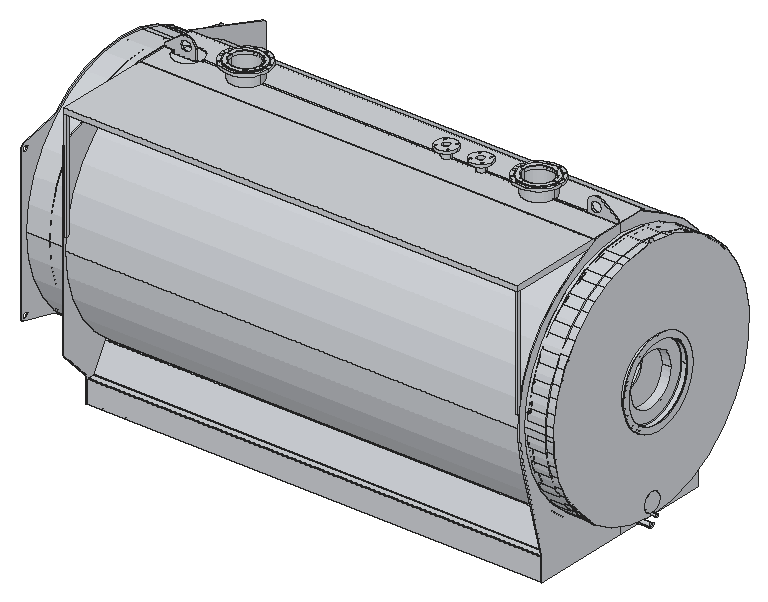
Revit family "BIMON_Котел_Водогрейный_TEMRON_WL5000", category Оборудование, Revit 2019
Family settings
  Размер круглого соединителя = Использовать диаметр
  Классификация = Нет
  Тип детали = Нормальный
  На основе рабочей плоскости = Нет
  Всегда вертикально = Да
  При загрузке вырезать с полостями = Нет
  Общий = Нет
  Точка расчета площади = Нет
Parameters
  УГО_Резмер [instance] = 0 mm
  УГО [instance] = yes
  Разработчик_Сайт = "https://www.bimon.ru/"
  Разработчик = "BIMON"  # constant formula
  Изготовитель = "Temron"  # constant formula
  URL = "https://temron.ru/catalog/temron-wl/main-wl/"
  TERMON_Расход уходящих газов = "8280 кг/ч"
  TEMRON_Теплопроизводительность = "5 МВт/4.299 (Гкал/ч)"
  TEMRON_Температура уходящих газов = "180-185 /185-190 °С"
  TEMRON_Температура на выходе из котла = "110 °С"
  TEMRON_Температура на входе в котёл = "60 °С"
  TEMRON_Сопротивление газового тракта = "10 мбар"
  TEMRON_Расход топлива для природного газа = "541 м³/ч"
  TEMRON_Расход воды через котел = "171.8 м³/ч"
  TEMRON_Номинальная производительность = "5 МВт"
  TEMRON_Максимальное рабочее давление = "0.6 МПа"
  TEMRON_Максимальная температура пара = 110 mm
  TEMRON_КПД = "92.5 %"
  TEMRON_Водяной объём котла = "6.3 м³"
  D5_Уходящие газы = 720 mm  # constant formula
  D4_Дренажный патрубок газового котла = 15 mm  # constant formula
  D3_Дренажный патрубок = 32 mm  # constant formula
  D2_Аварийная линия = 65 mm  # constant formula
  D1_Выход теплоносителя = 250 mm  # constant formula
  D1_Вход теплоносителя = 250 mm  # constant formula
  ADSK_Этаж [instance] = ""
  ADSK_Расход жидкости [instance] = 0.0 L/s
  ADSK_Расход воздуха [instance] = 0.0 L/s
  ADSK_Примечание [instance] = ""
  ADSK_Позиция [instance] = ""
  ADSK_Обозначение = ADSK_Марка  # "WL 5000"
  ADSK_Наименование краткое [instance] = "Котел низкого давления"
  ADSK_Наименование = "Водогрейный котел низкого давления"
  ADSK_Материал = none
  ADSK_Масса_Текст = "7642"
  ADSK_Масса = 7642  # constant formula
  ADSK_Марка = "WL 5000"  # constant formula
  ADSK_Количество = 1  # constant formula
  ADSK_Код изделия = ""
  ADSK_Завод-изготовитель = "Temron"  # constant formula
  ADSK_Единица измерения = "шт"  # constant formula
  ADSK_URL страницы изделия = "https://temron.ru/catalog/temron-wl/vodogreynye-kotly-nizkogo-davleniya-temron-wl-5000/"
Reference planes
  plane 1 "По центру (Вперед/Назад)": y = 0
  plane 2: z = 0
  plane 3 "По центру (Влево/Вправо)": x = 0
  plane 4: y = 819.5
  plane 5: y = -819.5
  plane 6: z = 1860
  plane 7: y = 250
  plane 8: z = 2590
  plane 9: z = 2024.296
  plane 10: x = 1528
  plane 11: x = 2720
  plane 12: x = 3120
  plane 13: z = 1305
  plane 14: z = 2590
  plane 15: x = 725
Forms (mm)
  Extrusion 1, solid, detail levels fine
    sketch origin (0, 0, 0) x (0, 1, 0) y (0, 0, 1)
      loop
        circle (0.012, 1305.004) r 1085
      loop
        circle (0.012, 1305.004) r 1090
    from -1250 to 2700
  Extrusion 2, solid, detail levels fine
    sketch origin (-1260, 1234.069, 1200) x (0, 1, 0) y (0, 0, 1)
      loop
        circle (-1234.069, 105) r 1035
      loop
        circle (-1234.069, 105) r 1025
    from 0 to -10
  Extrusion 3, solid, detail levels fine
    sketch origin (-1260, 1234.069, 1200) x (0, 1, 0) y (0, 0, 1)
      loop
        circle (-1234.069, 105) r 1025
      loop
        circle (-1234.069, 105) r 225
    from 0 to -1
  Extrusion 4, solid, detail levels fine
    sketch origin (2710, 1168.888, 1200) x (0, 1, 0) y (0, 0, 1)
      loop
        line (-317.253, -987.363) -> (-104.568, -172.936)
        arc (-104.568, -172.936) -> (-162.004, 547.961) -> (-654.634, 1077.401) r 1100
        line (-654.634, 1077.401) -> (-917.092, 1216.199)
        arc (-917.092, 1216.199) -> (-928.424, 1220.527) -> (-940.466, 1221.999) r 50
        line (-940.466, 1221.999) -> (-1168.875, 1221.999) -> (-1168.875, 1130.004)
        arc (-1168.875, 1130.004) -> (-143.875, 105.004) -> (-1168.875, -919.996) r 1025
        line (-1168.875, -919.996) -> (-1168.875, -999.996)
        arc (-1168.875, -999.996) -> (-1138.875, -1029.996) -> (-1168.875, -1059.996) r 30
        line (-1168.875, -1059.996) -> (-1168.875, -1199.996) -> (-318.875, -1199.996) -> (-318.875, -999.996)
        arc (-318.875, -999.996) -> (-318.468, -993.627) -> (-317.253, -987.363) r 50
    from 0 to -10
  Extrusion 5, solid, detail levels fine
    sketch origin (-1260, 1464.581, 1265.004) x (0, 1, 0) y (0, 0, 1)
      loop
        line (-685.069, -1074) -> (-629.269, -1074)
        arc (-629.269, -1074) -> (-622.551, -1076.782) -> (-619.769, -1083.5) r 9.5
        line (-619.769, -1083.5) -> (-619.769, -1246.5)
        arc (-619.769, -1246.5) -> (-622.551, -1253.218) -> (-629.269, -1256) r 9.5
        line (-629.269, -1256) -> (-685.069, -1256)
        arc (-685.069, -1256) -> (-688.958, -1257.611) -> (-690.569, -1261.5) r 5.5
        line (-690.569, -1261.5) -> (-690.569, -1265) -> (-614.569, -1265) -> (-614.569, -1065) -> (-690.569, -1065) -> (-690.569, -1068.5)
        arc (-690.569, -1068.5) -> (-688.958, -1072.389) -> (-685.069, -1074) r 5.5
      loop
        arc (-2244.094, -1074) -> (-2240.205, -1072.389) -> (-2238.594, -1068.5) r 5.5
        line (-2238.594, -1068.5) -> (-2238.594, -1065) -> (-2314.594, -1065) -> (-2314.594, -1265) -> (-2238.594, -1265) -> (-2238.594, -1261.5)
        arc (-2238.594, -1261.5) -> (-2240.205, -1257.611) -> (-2244.094, -1256) r 5.5
        line (-2244.094, -1256) -> (-2299.894, -1256)
        arc (-2299.894, -1256) -> (-2306.611, -1253.218) -> (-2309.394, -1246.5) r 9.5
        line (-2309.394, -1246.5) -> (-2309.394, -1083.5)
        arc (-2309.394, -1083.5) -> (-2306.611, -1076.782) -> (-2299.894, -1074) r 9.5
        line (-2299.894, -1074) -> (-2244.094, -1074)
    from 10 to 3960
  Sweep 6, solid, detail levels fine
    path origin (1450, 0, -40) x (1, 0, 0) y (0, 0, 1)
      loop
        line (1110, 335) -> (1110, 285)
        arc (1110, 285) -> (1131.967, 231.967) -> (1185, 210) r 75
        line (1185, 210) -> (1535, 210)
    profile origin (2560, 0, 270) x (0, -1, 0) y (1, 0, 0)
      loop
        circle (0, 0) r 21
      loop
        circle (0, 0) r 18
  Extrusion 7, solid, detail levels fine
    sketch origin (-1260, 1234.069, 1200) x (0, 1, 0) y (0, 0, 1)
      loop
        circle (-1236.366, 105.004) r 860
      loop
        circle (-1236.366, 105.004) r 1025
    from 0 to 3960
  Extrusion 8, solid, detail levels fine
    sketch origin (-1260, 1234.069, 1653.999) x (0, 1, 0) y (0, 0, 1)
      loop
        line (-957.069, 665) -> (-957.069, 760)
        arc (-957.069, 760) -> (-959.404, 765.657) -> (-965.061, 768) r 8
        line (-965.061, 768) -> (-1225.079, 768)
        arc (-1225.079, 768) -> (-1230.729, 765.653) -> (-1233.069, 760) r 8
        line (-1233.069, 760) -> (-1233.069, 730) -> (-1230.069, 730) -> (-1230.069, 760)
        arc (-1230.069, 760) -> (-1228.604, 763.536) -> (-1225.069, 765) r 5
        line (-1225.069, 765) -> (-965.069, 765)
        arc (-965.069, 765) -> (-961.537, 763.539) -> (-960.069, 760.01) r 5
        line (-960.069, 760.01) -> (-960.069, 665) -> (-957.069, 665)
      loop
        line (-1238.069, 730) -> (-1235.065, 730) -> (-1235.065, 760.001)
        arc (-1235.065, 760.001) -> (-1237.407, 765.656) -> (-1243.063, 767.998) r 7.998
        line (-1243.063, 767.998) -> (-1502.91, 767.998)
        arc (-1502.91, 767.998) -> (-1508.669, 765.713) -> (-1511.069, 760) r 8
        line (-1511.069, 760) -> (-1511.069, 665) -> (-1508.069, 665) -> (-1508.069, 759.995)
        arc (-1508.069, 759.995) -> (-1506.604, 763.53) -> (-1503.069, 764.995) r 5
        line (-1503.069, 764.995) -> (-1243.069, 765)
        arc (-1243.069, 765) -> (-1239.533, 763.536) -> (-1238.069, 760) r 5
        line (-1238.069, 760) -> (-1238.069, 730)
    from 3960 to 0
  Extrusion 9, solid, detail levels fine
    sketch origin (-1260, -1234.069, 1200) x (0, -1, 0) y (0, 0, -1)
      loop
        line (-2097.682, 965.716) -> (-2320.481, 729.143)
        arc (-2320.481, 729.143) -> (-2330.557, 713.303) -> (-2334.081, 694.863) r 50
        line (-2334.081, 694.863) -> (-2334.081, -904.871)
        arc (-2334.081, -904.871) -> (-2324.261, -934.63) -> (-2298.658, -952.699) r 50
        line (-2298.658, -952.699) -> (-1519.047, -1219.699)
        arc (-1519.047, -1219.699) -> (-1511.639, -1221.42) -> (-1504.056, -1221.999) r 50
        line (-1504.056, -1221.999) -> (-1234.081, -1221.999) -> (-1234.081, -1130.004)
        arc (-1234.081, -1130.004) -> (-2259.081, -105.004) -> (-1234.081, 919.996) r 1025
        line (-1234.081, 919.996) -> (-1234.081, 1199.996) -> (-2084.081, 1199.996) -> (-2084.081, 999.996)
        arc (-2084.081, 999.996) -> (-2087.606, 981.557) -> (-2097.682, 965.716) r 50
      loop
        circle (-2314.081, -900.004) r 9
      loop
        circle (-2314.081, -925.004) r 9
    from 0 to 10
  Extrusion 10, solid, detail levels fine
    sketch origin (-1260, 1464.581, 1265.004) x (0, 1, 0) y (0, 0, 1)
      loop
        line (-625.56, -1062) -> (-680.56, -1062)
        arc (-680.56, -1062) -> (-683.06, -1061.33) -> (-684.89, -1059.5) r 5
        line (-684.89, -1059.5) -> (-809.043, -844.461)
        arc (-809.043, -844.461) -> (-813.911, -840.719) -> (-819.998, -841.53) r 8
        line (-819.998, -841.53) -> (-854.62, -861.519) -> (-853.12, -864.117) -> (-818.479, -844.117)
        arc (-818.479, -844.117) -> (-814.685, -843.617) -> (-811.649, -845.947) r 5
        line (-811.649, -845.947) -> (-687.48, -1061)
        arc (-687.48, -1061) -> (-684.551, -1063.928) -> (-680.551, -1065) r 8
        line (-680.551, -1065) -> (-625.56, -1065) -> (-625.56, -1062)
      loop
        line (-2303.603, -1062) -> (-2303.603, -1065) -> (-2248.611, -1065)
        arc (-2248.611, -1065) -> (-2244.611, -1063.928) -> (-2241.683, -1061) r 8
        line (-2241.683, -1061) -> (-2117.514, -845.947)
        arc (-2117.514, -845.947) -> (-2114.478, -843.617) -> (-2110.684, -844.117) r 5
        line (-2110.684, -844.117) -> (-2076.043, -864.117) -> (-2074.543, -861.519) -> (-2109.164, -841.53)
        arc (-2109.164, -841.53) -> (-2115.251, -840.719) -> (-2120.12, -844.461) r 8
        line (-2120.12, -844.461) -> (-2244.273, -1059.5)
        arc (-2244.273, -1059.5) -> (-2246.103, -1061.33) -> (-2248.603, -1062) r 5
        line (-2248.603, -1062) -> (-2303.603, -1062)
    from 10 to 3960
  Revolve 11, solid, detail levels fine
    sketch origin (0, 0, 0) x (1, 0, 0) y (0, 0, 1)
      loop
        line (-1263, 591) -> (2208.986, 591) -> (2248.986, 591)
        spline (2248.986, 591) -> (2298.235, 597.45) -> (2346.185, 616.512) -> (2391.847, 647.502) -> (2434.569, 689.617) -> (2473.785, 742.016) -> (2508.995, 803.764) -> (2539.727, 873.857) -> (2565.545, 951.117) -> (2586.049, 1034.286) -> (2600.936, 1121.968) -> (2609.957, 1212.712) -> (2612.986, 1305)
        line (2612.986, 1305) -> (2598.986, 1305)
        spline (2598.986, 1305) -> (2595.992, 1213.632) -> (2587.06, 1123.827) -> (2572.344, 1037.122) -> (2552.095, 955) -> (2526.659, 878.867) -> (2496.473, 810.025) -> (2462.052, 749.653) -> (2423.986, 698.782) -> (2382.925, 658.284) -> (2339.572, 628.852) -> (2294.67, 610.989) -> (2248.986, 605)
        line (2248.986, 605) -> (2208.986, 605) -> (-1263, 605) -> (-1263, 591)
      axis (-1263, 1305) -> (2612.986, 1305)
    angle from 0 to 360
  Revolve 12, solid, detail levels fine
    sketch origin (-498, 0, 0) x (1, 0, 0) y (0, 0, 1)
      loop
        line (3225, 1845.993) -> (2965, 1845.993) -> (2976.277, 1813.733) -> (3225, 1813.733) -> (3225, 1832.435) -> (3225, 1845.993)
      axis (2965, 1305) -> (3225, 1305)
    angle from 0 to 360
  Revolve 13, solid, detail levels fine
    sketch origin (-498, 0, 0) x (1, 0, 0) y (0, 0, 1)
      loop
        line (3249.417, 1493.513) -> (3091.417, 1493.513) -> (3091.417, 1305.013) -> (3099.417, 1305.013) -> (3099.417, 1484.513) -> (3249.417, 1484.513) -> (3249.417, 1493.513)
      axis (3249.417, 1305) -> (3091.417, 1305)
    angle from 0 to 360
  Extrusion 14, solid, detail levels fine
    sketch origin (2620, 0, 2310) x (-1, 0, 0) y (0, 0, 1)
      loop
        line (62.661, 242.495) -> (-80, 138.004) -> (-80, 28.004) -> (190, 28.004) -> (190, 178.004)
        arc (190, 178.004) -> (146.145, 249.373) -> (62.661, 242.495) r 80
      loop
        circle (110, 178.004) r 45
    from -5 to 5
  Extrusion 15, solid, detail levels fine
    sketch origin (-1570, 0, 1050) x (0, 1, 0) y (0, 0, 1)
      loop
        circle (-0.012, 255.004) r 1045
      loop
        circle (-0.012, 255.004) r 1053
    from -50 to 300
  Revolve 16, solid, detail levels fine
    sketch origin (-1570, 0, 1050) x (1, 0, 0) y (0, 0, 1)
      loop
        line (300, -798) -> (300, -789.999) -> (239.893, -789.999) -> (-50, -789.999) -> (-50, -798) -> (300, -798)
      axis (-50, 255) -> (300, 255)
    angle from 0 to 360
  Extrusion 17, solid, detail levels fine
    sketch origin (-1624, 0, 1049.996) x (0, 1, 0) y (0, 0, 1)
      loop
        circle (0.012, 255.004) r 225
      loop
        arc (740.435, 1022.761) -> (728.567, 1027.264) -> (718.215, 1034.61) r 50
        arc (718.215, 1034.61) -> (0.012, 1315.004) -> (-718.19, 1034.61) r 1060
        arc (-718.19, 1034.61) -> (-728.542, 1027.264) -> (-740.41, 1022.761) r 50
        line (-740.41, 1022.761) -> (-1069.314, 943.901)
        arc (-1069.314, 943.901) -> (-1091.397, 929.772) -> (-1099.988, 905.004) r 40
        line (-1099.988, 905.004) -> (-1099.988, -394.996)
        arc (-1099.988, -394.996) -> (-1091.397, -419.765) -> (-1069.314, -433.894) r 40
        line (-1069.314, -433.894) -> (-740.41, -512.754)
        arc (-740.41, -512.754) -> (-728.542, -517.256) -> (-718.19, -524.602) r 50
        arc (-718.19, -524.602) -> (0.012, -804.996) -> (718.215, -524.602) r 1060
        arc (718.215, -524.602) -> (728.567, -517.256) -> (740.435, -512.754) r 50
        line (740.435, -512.754) -> (1069.339, -433.894)
        arc (1069.339, -433.894) -> (1091.421, -419.765) -> (1100.012, -394.996) r 40
        line (1100.012, -394.996) -> (1100.012, 905.004)
        arc (1100.012, 905.004) -> (1091.421, 929.772) -> (1069.339, 943.901) r 40
        line (1069.339, 943.901) -> (740.435, 1022.761)
      loop
        circle (1060.012, -394.996) r 27
      loop
        circle (1060.012, 905.004) r 27
      loop
        circle (-1059.988, 905.004) r 27
      loop
        circle (-1059.988, -394.996) r 27
    from 4 to -6
  Extrusion 18, solid, detail levels fine
    sketch origin (-1570, 10, 1305.219) x (1, 0, 0) y (0, 0, 1)
      loop
        line (154, -1025.215) -> (154, 1004.661) -> (-50, 1004.661) -> (-50, -1025.215) -> (154, -1025.215)
    from 250 to 258
  Extrusion 19, solid, detail levels fine
    sketch origin (-1570, 498, 1305.219) x (1, 0, 0) y (0, 0, 1)
      loop
        line (154.32, -1025.215) -> (154.32, 1004.661) -> (-50, 1004.661) -> (-50, -1025.215) -> (154.32, -1025.215)
    from 250 to 258
  Extrusion 20, solid, detail levels fine
    sketch origin (-1570, 0, 1318.297) x (1, 0, 0) y (0, 1, 0)
      loop
        line (154, -992) -> (154, 1003.062) -> (-50, 1003.062) -> (-50, -992) -> (154, -992)
    from 258.282 to 266.3
  Extrusion 21, solid, detail levels fine
    sketch origin (-1570, 0, 760.279) x (1, 0, 0) y (0, 1, 0)
      loop
        line (154, -992) -> (154, 1003.062) -> (-50, 1003.062) -> (-50, -992) -> (154, -992)
    from 258.282 to 266.3
  Extrusion 22, solid, detail levels fine
    sketch origin (-1340.3, -1524, 2082.999) x (0, 0, 1) y (0, -1, 0)
      loop
        arc (-507.999, -1849.012) -> (-469.108, -1832.903) -> (-452.999, -1794.012) r 55
        line (-452.999, -1794.012) -> (-452.999, -1254.012)
        arc (-452.999, -1254.012) -> (-469.108, -1215.122) -> (-507.999, -1199.012) r 55
        line (-507.999, -1199.012) -> (-1047.999, -1199.012)
        arc (-1047.999, -1199.012) -> (-1086.89, -1215.122) -> (-1102.999, -1254.012) r 55
        line (-1102.999, -1254.012) -> (-1102.999, -1794.012)
        arc (-1102.999, -1794.012) -> (-1086.89, -1832.903) -> (-1047.999, -1849.012) r 55
        line (-1047.999, -1849.012) -> (-507.999, -1849.012)
      loop
        circle (-777.999, -1524.012) r 275
    from -299.7 to -289.7
  Extrusion 23, solid, detail levels fine
    sketch origin (-1358.264, -1524, 2082.999) x (0, 0, 1) y (0, -1, 0)
      loop
        arc (-1102.999, -1794.012) -> (-1086.89, -1832.903) -> (-1047.999, -1849.012) r 55
        line (-1047.999, -1849.012) -> (-507.999, -1849.012)
        arc (-507.999, -1849.012) -> (-469.108, -1832.903) -> (-452.999, -1794.012) r 55
        line (-452.999, -1794.012) -> (-452.999, -1254.012)
        arc (-452.999, -1254.012) -> (-469.108, -1215.122) -> (-507.999, -1199.012) r 55
        line (-507.999, -1199.012) -> (-1047.999, -1199.012)
        arc (-1047.999, -1199.012) -> (-1086.89, -1215.122) -> (-1102.999, -1254.012) r 55
        line (-1102.999, -1254.012) -> (-1102.999, -1794.012)
    from -297.736 to -281.736
  Revolve 24, solid, detail levels fine
    sketch origin (-1570, 0, 1050) x (1, 0, 0) y (0, 0, 1)
      loop
        line (-50, 480) -> (154.32, 480) -> (154.32, 1299.999) -> (-50, 1299.999) -> (-50, 480)
      axis (154.32, 255) -> (-50, 255)
    angle from 0 to 360
  Revolve 25, solid, detail levels fine
    sketch origin (-1570, 0, 1050) x (1, 0, 0) y (0, 0, 1)
      loop
        line (289, 480) -> (289, 615) -> (200, 666.384) -> (200, 1201.502) -> (289, 1252.886) -> (289, 1299.999) -> (154, 1299.999) -> (154, 480) -> (289, 480)
      axis (289, 255) -> (154, 255)
    angle from 0 to 360
  Extrusion 26, solid, detail levels fine
    sketch origin (2712, 1168.888, 1200) x (0, 1, 0) y (0, 0, 1)
      loop
        circle (-1168.888, 105) r 1035
      loop
        circle (-1168.888, 105) r 1025
    from 0 to 10
  Extrusion 27, solid, detail levels fine
    sketch origin (2712, 1168.888, 1200) x (0, 1, 0) y (0, 0, 1)
      loop
        circle (-1168.888, 105) r 1025
      loop
        circle (-1168.888, 105) r 188.513
    from 0 to 1
  Extrusion 28, solid, detail levels fine
    sketch origin (2977, 0, 1050) x (0, -1, 0) y (0, 0, 1)
      loop
        circle (0, 255) r 1046
      loop
        circle (0, 255) r 1051
    from 0 to 252
  Revolve 29, solid, detail levels fine
    sketch origin (2977, 0, 1050) x (-1, 0, 0) y (0, 0, 1)
      loop
        line (231, -789.999) -> (231, -765.999)
        arc (231, -765.999) -> (231.293, -765.292) -> (232, -764.999) r 1
        line (232, -764.999) -> (252, -764.999) -> (252, -762.999) -> (232, -762.999)
        arc (232, -762.999) -> (229.879, -763.878) -> (229, -765.999) r 3
        line (229, -765.999) -> (229, -789.999) -> (231, -789.999)
      axis (229, 255) -> (252, 255)
    angle from 0 to 360
  Extrusion 30, solid, detail levels fine
    sketch origin (2979, 0, 1049.996) x (0, -1, 0) y (0, 0, 1)
      loop
        circle (-0.012, -695.997) r 65
      loop
        circle (-0.012, -623.497) r 2.387
      loop
        circle (62.774, -732.247) r 2.387
      loop
        circle (-62.799, -732.247) r 2.387
      loop
        circle (-0.012, 255.004) r 325
      loop
        arc (-24.68, 1328.398) -> (-33.203, 1318.344) -> (-45.654, 1314.021) r 25
        arc (-45.654, 1314.021) -> (-0.012, -804.996) -> (45.629, 1314.021) r 1060
        arc (45.629, 1314.021) -> (33.178, 1318.344) -> (24.656, 1328.398) r 25
        line (24.656, 1328.398) -> (20.38, 1337.569)
        arc (20.38, 1337.569) -> (-0.012, 1350.56) -> (-20.404, 1337.569) r 22.5
        line (-20.404, 1337.569) -> (-24.68, 1328.398)
      loop
        circle (-0.012, 1328.06) r 12.5
    from 0 to -3
  Extrusion 31, solid, detail levels fine
    sketch origin (2977, 0, 1050.496) x (0, -1, 0) y (0, 0, 1)
      loop
        circle (-0.012, 254.508) r 328
      loop
        circle (-0.012, 254.508) r 331
    from -5 to -55
  Extrusion 32, solid, detail levels fine
    sketch origin (2979, 0, 1050) x (0, -1, 0) y (0, 0, 1)
      loop
        circle (0, 255) r 325
      loop
        circle (0, 255) r 355
    from -59 to -53
  Extrusion 33, solid, detail levels fine
    sketch origin (2977, 0, 1050) x (0, -1, 0) y (0, 0, 1)
      loop
        line (-75.829, -793.261) -> (-78.194, -679.363)
        arc (-78.194, -679.363) -> (0, -619.5) -> (78.194, -679.363) r 81
        line (78.194, -679.363) -> (75.829, -793.261)
        arc (75.829, -793.261) -> (0, 1306) -> (-75.829, -793.261) r 1051
      loop
        circle (0, 255.004) r 225
    from -2 to 75
  Revolve 34, solid, detail levels fine
    sketch origin (2977, 0, 1050) x (-1, 0, 0) y (0, 0, 1)
      loop
        line (75, -795.999) -> (229, -795.999) -> (229, -789.999) -> (75, -789.999) -> (75, -795.999)
      axis (229, 255) -> (75, 255)
    angle from 0 to 360
  Revolve 35, solid, detail levels fine
    sketch origin (2977, 0, 1050) x (-1, 0, 0) y (0, 0, 1)
      loop
        line (233, -759.999) -> (233, -789.999) -> (253, -789.999) -> (253, -759.999) -> (233, -759.999)
      axis (233, 255) -> (253, 255)
    angle from 0 to 360
  Extrusion 36, solid, detail levels fine
    sketch origin (2977, 0, 1050) x (0, -1, 0) y (0, 0, 1)
      loop
        circle (0, -696.008) r 80
      loop
        circle (-62.787, -732.258) r 2.387
      loop
        circle (62.787, -732.258) r 2.387
      loop
        circle (0, -623.508) r 2.387
    from -3 to -14
  Extrusion 37, solid, detail levels fine
    sketch origin (2002, 0, 2345.63) x (1, 0, 0) y (0, 1, 0)
      loop
        circle (0, 0) r 136.5
      loop
        circle (0, 0) r 125
    from 0 to 211.37
  Extrusion 38, solid, detail levels fine
    sketch origin (2002, 0, 1661) x (1, 0, 0) y (0, 1, 0)
      loop
        circle (0, 0) r 167.5
      loop
        circle (0, 0) r 125
    from 896 to 875
  Revolve 39, solid, detail levels fine
    sketch origin (2002, 0, 2345.63) x (1, 0, 0) y (0, 0, 1)
      loop
        line (-131.5, 190.37) -> (-131.5, 214.37) -> (-163, 214.37) -> (-166, 211.37) -> (-197, 211.37) -> (-197, 190.37) -> (-131.5, 190.37)
      axis (0, 214.37) -> (0, 190.37)
    angle from 0 to 360
  Extrusion 40, solid, detail levels fine
    sketch origin (-1260, 1234.094, 1200) x (0, 1, 0) y (0, 0, 1)
      loop
        arc (-2097.682, -965.716) -> (-2087.606, -981.557) -> (-2084.081, -999.996) r 50
        line (-2084.081, -999.996) -> (-2084.081, -1199.996) -> (-1234.081, -1199.996) -> (-1234.081, -919.996)
        arc (-1234.081, -919.996) -> (-2259.081, 105.004) -> (-1234.081, 1130.004) r 1025
        line (-1234.081, 1130.004) -> (-1234.081, 1221.999) -> (-1504.107, 1221.999)
        arc (-1504.107, 1221.999) -> (-1511.69, 1221.42) -> (-1519.097, 1219.699) r 50
        line (-1519.097, 1219.699) -> (-2299.21, 952.527)
        arc (-2299.21, 952.527) -> (-2324.432, 934.397) -> (-2334.081, 904.871) r 50
        line (-2334.081, 904.871) -> (-2334.081, -694.863)
        arc (-2334.081, -694.863) -> (-2330.557, -713.303) -> (-2320.481, -729.143) r 50
        line (-2320.481, -729.143) -> (-2097.682, -965.716)
      loop
        circle (-2314.081, 900.004) r 9
      loop
        circle (-2314.081, 925.004) r 9
    from 0 to 10
  Extrusion 41, solid, detail levels fine
    sketch origin (2710, -1168.863, 1200) x (0, -1, 0) y (0, 0, -1)
      loop
        arc (-317.253, 987.363) -> (-318.468, 993.627) -> (-318.875, 999.996) r 50
        line (-318.875, 999.996) -> (-318.875, 1199.996) -> (-1168.875, 1199.996) -> (-1168.875, 1059.996)
        arc (-1168.875, 1059.996) -> (-1138.875, 1029.996) -> (-1168.875, 999.996) r 30
        line (-1168.875, 999.996) -> (-1168.875, 919.996)
        arc (-1168.875, 919.996) -> (-143.875, -105.004) -> (-1168.875, -1130.004) r 1025
        line (-1168.875, -1130.004) -> (-1168.875, -1221.997) -> (-940.463, -1221.997)
        arc (-940.463, -1221.997) -> (-928.422, -1220.526) -> (-917.089, -1216.197) r 50
        line (-917.089, -1216.197) -> (-654.634, -1077.401)
        arc (-654.634, -1077.401) -> (-162.004, -547.961) -> (-104.568, 172.936) r 1100
        line (-104.568, 172.936) -> (-317.253, 987.363)
    from 2 to -10
  Extrusion 42, solid, detail levels fine
    sketch origin (2985, 0, 1050) x (0, -1, 0) y (0, 0, 1)
      loop
        circle (0, 255) r 325
      loop
        circle (0, 255) r 375
      loop
        circle (-0.012, 615.004) r 5.5
      loop
        circle (211.59, 546.25) r 5.5
      loop
        circle (342.368, 366.25) r 5.5
      loop
        circle (342.368, 143.758) r 5.5
      loop
        circle (211.59, -36.242) r 5.5
      loop
        circle (-0.012, -104.996) r 5.5
      loop
        circle (-211.615, -36.242) r 5.5
      loop
        circle (-342.393, 143.758) r 5.5
      loop
        circle (-342.393, 366.25) r 5.5
      loop
        circle (-211.615, 546.25) r 5.5
    from -59 to -53
  Extrusion 43, void
    sketch origin (-1805.815, -1524, 1860) x (0, -1, 0) y (-1, 0, 0)
      loop
        circle (-1695.452, -3761.874) r 13
      loop
        circle (-1695.452, -3853.755) r 13
      loop
        circle (-1649.511, -3933.326) r 13
      loop
        circle (-1569.94, -3979.266) r 13
      loop
        circle (-1478.06, -3979.266) r 13
      loop
        circle (-1398.489, -3933.326) r 13
      loop
        circle (-1352.548, -3853.755) r 13
      loop
        circle (-1352.548, -3761.874) r 13
      loop
        circle (-1398.489, -3682.303) r 13
      loop
        circle (-1478.06, -3636.363) r 13
      loop
        circle (-1569.94, -3636.363) r 13
      loop
        circle (-1649.511, -3682.303) r 13
    from -767.549 to -578.4
  Extrusion 44, void
    sketch origin (-1805.815, -1524, 1860) x (0, -1, 0) y (-1, 0, 0)
      loop
        circle (-1524, -3807.815) r 125
    from -1106.31 to -540.004
  Extrusion 45, solid, detail levels fine
    sketch origin (-550, 0, 2345.63) x (1, 0, 0) y (0, 1, 0)
      loop
        circle (0, 0) r 136.5
      loop
        circle (0, 0) r 125
    from 0 to 211.37
  Extrusion 46, void
    sketch origin (-4855.815, -1524, 1860) x (0, -1, 0) y (-1, 0, 0)
      loop
        circle (-1524, -3807.815) r 125
    from -1106.31 to -540.004
  Extrusion 47, solid, detail levels fine
    sketch origin (-1307.815, -1524, 1860) x (-1, 0, 0) y (0, -1, 0)
      loop
        circle (-2807.815, -1524) r 32.5
      loop
        circle (-2807.815, -1524) r 38
    from 461 to 631
  Extrusion 48, solid, detail levels fine
    sketch origin (-1607.815, -1524, 1860) x (-1, 0, 0) y (0, -1, 0)
      loop
        circle (-2807.815, -1524) r 32.5
      loop
        circle (-2807.815, -1524) r 38
    from 461 to 631
  Extrusion 49, solid, detail levels fine
    sketch origin (-1307.815, -1524, 1860) x (-1, 0, 0) y (0, -1, 0)
      loop
        circle (-2807.815, -1524) r 92.5
      loop
        circle (-2807.815, -1524) r 32.5
      loop
        circle (-2859.08, -1575.265) r 9
      loop
        circle (-2859.08, -1472.735) r 9
      loop
        circle (-2756.549, -1472.735) r 9
      loop
        circle (-2756.549, -1575.265) r 9
    from 631 to 651
  Extrusion 50, solid, detail levels fine
    sketch origin (-1607.815, -1524, 1860) x (-1, 0, 0) y (0, -1, 0)
      loop
        circle (-2807.815, -1524) r 92.5
      loop
        circle (-2807.815, -1524) r 32.5
      loop
        circle (-2859.08, -1575.265) r 9
      loop
        circle (-2859.08, -1472.735) r 9
      loop
        circle (-2756.549, -1472.735) r 9
      loop
        circle (-2756.549, -1575.265) r 9
    from 631 to 651
  Extrusion 51, solid, detail levels fine
    sketch origin (-1260, -1234.069, 1200) x (0, -1, 0) y (0, 0, -1)
      loop
        line (-137.256, -1221.999) -> (-137.256, -1171.999) -> (-957.069, -1171.999) -> (-957.069, -1221.999) -> (-137.256, -1221.999)
    from 10 to 3960
  Extrusion 52, solid, detail levels fine
    sketch origin (-1307.815, -695.254, 1860) x (-1, 0, 0) y (0, -1, 0)
      loop
        line (-57.815, 401.559) -> (-77.815, 401.559) -> (-77.815, 381.559) -> (-57.815, 381.559) -> (-57.815, 401.559)
      loop
        line (-3987.815, 401.559) -> (-4007.815, 401.559) -> (-4007.815, 381.559) -> (-3987.815, 381.559) -> (-3987.815, 401.559)
    from -449.635 to 511.999
  Extrusion 53, solid, detail levels fine
    sketch origin (-1170, 0, 2310) x (1, 0, 0) y (0, 0, -1)
      loop
        arc (62.661, -242.495) -> (146.145, -249.373) -> (190, -178.004) r 80
        line (190, -178.004) -> (190, -28.004) -> (-80, -28.004) -> (-80, -138.004) -> (62.661, -242.495)
      loop
        circle (110, -178.004) r 45
    from -5 to 5
  Extrusion 54, solid, detail levels fine
    sketch origin (-548, 0, 1661) x (1, 0, 0) y (0, 1, 0)
      loop
        circle (0, 0) r 167.5
      loop
        circle (0, 0) r 125
    from 896 to 875
  Revolve 55, solid, detail levels fine
    sketch origin (-548, 0, 2345.63) x (1, 0, 0) y (0, 0, 1)
      loop
        line (-131.5, 190.37) -> (-131.5, 214.37) -> (-163, 214.37) -> (-166, 211.37) -> (-197, 211.37) -> (-197, 190.37) -> (-131.5, 190.37)
      axis (0, 214.37) -> (0, 190.37)
    angle from 0 to 360
  Extrusion 56, void
    sketch origin (-4355.815, -1524, 1860) x (0, -1, 0) y (-1, 0, 0)
      loop
        circle (-1695.452, -3761.874) r 13
      loop
        circle (-1695.452, -3853.755) r 13
      loop
        circle (-1649.511, -3933.326) r 13
      loop
        circle (-1569.94, -3979.266) r 13
      loop
        circle (-1478.06, -3979.266) r 13
      loop
        circle (-1398.489, -3933.326) r 13
      loop
        circle (-1352.548, -3853.755) r 13
      loop
        circle (-1352.548, -3761.874) r 13
      loop
        circle (-1398.489, -3682.303) r 13
      loop
        circle (-1478.06, -3636.363) r 13
      loop
        circle (-1569.94, -3636.363) r 13
      loop
        circle (-1649.511, -3682.303) r 13
    from -767.549 to -578.4
  Revolve 57, solid
    sketch origin (2206, 0, 92.514) x (1, 0, 0) y (0, 0, 1)
      loop
        line (776, 169.32) -> (826, 169.32) -> (826, 179.32) -> (776, 179.32) -> (776, 169.32)
      axis (776, 169.32) -> (826, 169.32)
    angle from 0 to 360
Cuts and joins
  Extrusion 43, Extrusion 44 cuts Extrusion 1
  Extrusion 43, Extrusion 44 cuts Extrusion 7
  Extrusion 43, Extrusion 44, Extrusion 46 cuts Extrusion 8
  Extrusion 43, Extrusion 44 cuts Revolve 11
  Extrusion 43, Extrusion 56 cuts Revolve 39
  Extrusion 44, Extrusion 46 cuts Extrusion 37
  Extrusion 46 cuts Extrusion 45
  Extrusion 56 cuts Extrusion 38
  Extrusion 56 cuts Extrusion 54
  Extrusion 56 cuts Revolve 55
Lines and regions (mm)
  model lines, detail levels coarse+medium
    curve 1: line (-1775, 0, 3805) -> (3225, 0, 3805)
    curve 2: line (-1775, 0, -1195) -> (-1775, 0, 3805)
    curve 3: line (3225, 0, -1195) -> (-1775, 0, -1195)
    curve 4: line (3225, 0, 3805) -> (3225, 0, -1195)
Dimensions and locks
  equal spacing: plane 4, plane 1 "По центру (Вперед/Назад)", plane 5
  plane 4 to plane 5 = 1639 mm
  plane 1 "По центру (Вперед/Назад)" to plane 7 = 250 mm
  plane 12 to plane 11 = 400 mm
  Extrusion 15 to Extrusion 18 = 204 mm
  curve 2 to plane 15 = 2500 mm
  plane 15 to curve 4 = 2500 mm
  curve 1 to plane 13 = 2500 mm
  plane 13 to curve 3 = 2500 mm
  radius of Extrusion 26 sketch curve = 1025 mm
  aligned and locked: level to plane 2
  aligned and locked: Extrusion 5 to Extrusion 1
  aligned and locked: Extrusion 1 to Extrusion 5
Automatic sketch dimensions
  Extrusion 1 sketch curve to Extrusion 1 sketch curve = 0 mm  (x2)
  plane 13 to Extrusion 1 sketch curve = 0.004 mm
  Extrusion 1 sketch curve to plane 1 "По центру (Вперед/Назад)" = 0.012 mm
  Extrusion 2 sketch curve to Extrusion 2 sketch curve = 0 mm  (x2)
  Extrusion 2 sketch curve to plane 1 "По центру (Вперед/Назад)" = 0 mm
  Extrusion 2 sketch curve to plane 13 = 0 mm
  Extrusion 3 sketch curve to Extrusion 3 sketch curve = 0 mm  (x2)
  Extrusion 3 sketch curve to plane 1 "По центру (Вперед/Назад)" = 0 mm
  Extrusion 3 sketch curve to plane 13 = 0 mm
  Extrusion 4 sketch curve to Extrusion 4 sketch curve = 0 mm  (x2)
  plane 13 to Extrusion 4 sketch curve = 0.004 mm
  Extrusion 4 sketch curve to plane 1 "По центру (Вперед/Назад)" = 0.012 mm
  Extrusion 4 sketch curve to plane 7 = 21.579 mm
  plane 7 to Extrusion 4 sketch curve = 1.796 mm
  plane 7 to Extrusion 4 sketch curve = 264.254 mm
  level to Extrusion 4 sketch curve = 0.004 mm
  plane 4 to Extrusion 4 sketch curve = 30.512 mm
  Extrusion 4 sketch curve to Extrusion 4 sketch curve = 1.622 mm
  Extrusion 4 sketch curve to Extrusion 4 sketch curve = 48.378 mm
  plane 4 to Extrusion 4 sketch curve = 244.819 mm
  Extrusion 4 sketch curve to Extrusion 4 sketch curve = 140 mm
  Extrusion 4 sketch curve to Extrusion 4 sketch curve = 30 mm
  level to Extrusion 4 sketch curve = 200.004 mm
  Extrusion 4 sketch curve to Extrusion 4 sketch curve = 80 mm
  Extrusion 4 sketch curve to plane 13 = 277.936 mm
  Extrusion 4 sketch curve to Extrusion 4 sketch curve = 41.995 mm
  Extrusion 4 sketch curve to Extrusion 4 sketch curve = 44.2 mm
  Extrusion 5 sketch curve to plane 5 = 30.512 mm
  Extrusion 5 sketch curve to Extrusion 5 sketch curve = 5.2 mm
  Extrusion 5 sketch curve to Extrusion 5 sketch curve = 9.5 mm  (x3)
  plane 5 to Extrusion 5 sketch curve = 39.988 mm  (x2)
  level to Extrusion 5 sketch curve = 3.504 mm
  Extrusion 5 sketch curve to Extrusion 5 sketch curve = 5.5 mm  (x4)
  Extrusion 5 sketch curve to plane 4 = 45.488 mm  (x2)
  level to Extrusion 5 sketch curve = 0.004 mm  (x2)
  plane 4 to Extrusion 5 sketch curve = 15.812 mm  (x2)
  Extrusion 5 sketch curve to Extrusion 5 sketch curve = 14.7 mm
  Extrusion 5 sketch curve to Extrusion 5 sketch curve = 3.5 mm  (x2)
  Extrusion 5 sketch curve to Extrusion 5 sketch curve = 163 mm  (x2)
  Extrusion 5 sketch curve to Extrusion 5 sketch curve = 9 mm
  level to Sweep 6 sketch curve = 245 mm
  Sweep 6 sketch curve to Sweep 6 sketch curve = 75 mm
  Sweep 6 sketch curve to Sweep 6 sketch curve = 50 mm
  Sweep 6 sketch curve to Sweep 6 sketch curve = 0 mm  (x2)
  plane 1 "По центру (Вперед/Назад)" to Sweep 6 sketch curve = 0 mm
  Sweep 6 sketch curve to profile plane = 0 mm
  Extrusion 7 sketch curve to Extrusion 7 sketch curve = 0 mm  (x2)
  plane 13 to Extrusion 7 sketch curve = 0.004 mm
  plane 1 "По центру (Вперед/Назад)" to Extrusion 7 sketch curve = 2.297 mm
  Extrusion 8 sketch curve to Extrusion 8 sketch curve = 0 mm  (x14)
  plane 1 "По центру (Вперед/Назад)" to Extrusion 8 sketch curve = 277 mm
  Extrusion 8 sketch curve to Extrusion 8 sketch curve = 3 mm  (x3)
  Extrusion 8 sketch curve to Extrusion 8 sketch curve = 5 mm  (x2)
  Extrusion 8 sketch curve to Extrusion 8 sketch curve = 0.159 mm
  plane 1 "По центру (Вперед/Назад)" to Extrusion 8 sketch curve = 9 mm
  Extrusion 8 sketch curve to Extrusion 8 sketch curve = 0.006 mm
  plane 1 "По центру (Вперед/Назад)" to Extrusion 8 sketch curve = 4 mm
  plane 1 "По центру (Вперед/Назад)" to Extrusion 8 sketch curve = 0.996 mm
  Extrusion 8 sketch curve to plane 1 "По центру (Вперед/Назад)" = 1 mm
  Extrusion 8 sketch curve to plane 1 "По центру (Вперед/Назад)" = 8.99 mm
  plane 7 to Extrusion 8 sketch curve = 19 mm
  Extrusion 8 sketch curve to Extrusion 8 sketch curve = 0.008 mm
  plane 7 to Extrusion 8 sketch curve = 24 mm
  plane 6 to Extrusion 8 sketch curve = 458.999 mm  (x2)
  Extrusion 8 sketch curve to Extrusion 8 sketch curve = 65 mm
  Extrusion 8 sketch curve to Extrusion 8 sketch curve = 94.995 mm
  Extrusion 8 sketch curve to Extrusion 8 sketch curve = 95 mm
  Extrusion 8 sketch curve to Extrusion 8 sketch curve = 30 mm
  Extrusion 8 sketch curve to Extrusion 8 sketch curve = 0.005 mm
  Extrusion 8 sketch curve to Extrusion 8 sketch curve = 0.001 mm
  Extrusion 8 sketch curve to Extrusion 8 sketch curve = 0.01 mm
  plane 4 to Extrusion 9 sketch curve = 280.512 mm
  Extrusion 9 sketch curve to Extrusion 9 sketch curve = 13.601 mm
  Extrusion 9 sketch curve to Extrusion 9 sketch curve = 20 mm
  Extrusion 9 sketch curve to Extrusion 9 sketch curve = 0 mm
  Extrusion 9 sketch curve to Extrusion 9 sketch curve = 15.424 mm
  Extrusion 9 sketch curve to Extrusion 9 sketch curve = 30 mm
  Extrusion 9 sketch curve to Extrusion 9 sketch curve = 50 mm
  plane 4 to Extrusion 9 sketch curve = 80.512 mm
  plane 4 to Extrusion 9 sketch curve = 44.113 mm
  level to Extrusion 9 sketch curve = 0.004 mm
  plane 4 to Extrusion 9 sketch curve = 30.512 mm
  plane 7 to Extrusion 9 sketch curve = 34.978 mm
  plane 7 to Extrusion 9 sketch curve = 19.987 mm
  Extrusion 9 sketch curve to plane 1 "По центру (Вперед/Назад)" = 0.012 mm
  level to Extrusion 9 sketch curve = 200.004 mm
  Extrusion 9 sketch curve to Extrusion 9 sketch curve = 280 mm
  Extrusion 9 sketch curve to Extrusion 9 sketch curve = 236.573 mm
  plane 13 to Extrusion 9 sketch curve = 0.004 mm
  plane 6 to Extrusion 9 sketch curve = 240.004 mm
  Extrusion 9 sketch curve to Extrusion 9 sketch curve = 4.867 mm
  Extrusion 9 sketch curve to Extrusion 9 sketch curve = 25 mm
  Extrusion 9 sketch curve to Extrusion 9 sketch curve = 41.995 mm
  Extrusion 9 sketch curve to Extrusion 9 sketch curve = 47.7 mm
  Extrusion 10 sketch curve to Extrusion 10 sketch curve = 0 mm  (x24)
  Extrusion 10 sketch curve to plane 5 = 19.522 mm
  plane 5 to Extrusion 10 sketch curve = 35.47 mm
  Extrusion 10 sketch curve to Extrusion 10 sketch curve = 0.008 mm  (x4)
  plane 5 to Extrusion 10 sketch curve = 163.961 mm
  Extrusion 10 sketch curve to Extrusion 10 sketch curve = 6.936 mm  (x2)
  Extrusion 10 sketch curve to Extrusion 10 sketch curve = 4.019 mm  (x2)
  Extrusion 10 sketch curve to Extrusion 10 sketch curve = 33.122 mm
  Extrusion 10 sketch curve to Extrusion 10 sketch curve = 1.5 mm  (x2)
  Extrusion 10 sketch curve to plane 4 = 209.539 mm
  Extrusion 10 sketch curve to Extrusion 10 sketch curve = 34.622 mm
  Extrusion 10 sketch curve to plane 4 = 35.478 mm
  plane 4 to Extrusion 10 sketch curve = 19.522 mm
  level to Extrusion 10 sketch curve = 200.004 mm  (x2)
  Extrusion 10 sketch curve to Extrusion 10 sketch curve = 3 mm  (x2)
  Extrusion 10 sketch curve to Extrusion 10 sketch curve = 5 mm  (x2)
  Extrusion 10 sketch curve to Extrusion 10 sketch curve = 192.883 mm  (x2)
  Extrusion 10 sketch curve to Extrusion 10 sketch curve = 2.598 mm  (x2)
  Extrusion 10 sketch curve to Extrusion 10 sketch curve = 15.67 mm  (x2)
  Extrusion 10 sketch curve to Extrusion 10 sketch curve = 3.986 mm  (x2)
  Extrusion 10 sketch curve to Extrusion 10 sketch curve = 4.33 mm
  Extrusion 10 sketch curve to Extrusion 10 sketch curve = 2.59 mm  (x2)
  Extrusion 10 sketch curve to Extrusion 10 sketch curve = 2.606 mm  (x2)
  Extrusion 10 sketch curve to Extrusion 10 sketch curve = 1.519 mm  (x2)
  Extrusion 10 sketch curve to Extrusion 10 sketch curve = 6.928 mm
  Extrusion 10 sketch curve to Extrusion 10 sketch curve = 1.486 mm  (x2)
  Revolve 11 sketch curve to plane 13 = 0 mm  (x2)
  Revolve 11 sketch curve to plane 11 = 511.014 mm
  Revolve 11 sketch curve to Revolve 11 sketch curve = 0 mm  (x2)
  Revolve 11 sketch curve to Revolve 11 sketch curve = 40 mm
  Revolve 11 sketch curve to plane 11 = 121.014 mm
  Revolve 11 sketch curve to Revolve 11 sketch curve = 14 mm  (x2)
  level to Revolve 11 sketch curve = 605 mm
  Revolve 11 sketch curve to plane 10 = 227 mm
  Revolve 12 sketch curve to plane 13 = 0 mm
  Revolve 12 sketch curve to plane 6 = 14.007 mm
  Revolve 12 sketch curve to plane 6 = 46.267 mm
  Revolve 12 sketch curve to Revolve 12 sketch curve = 11.277 mm
  Revolve 12 sketch curve to plane 6 = 27.565 mm
  Revolve 12 sketch curve to Revolve 12 sketch curve = 248.723 mm
  Revolve 13 sketch curve to plane 13 = 0 mm
  plane 13 to Revolve 13 sketch curve = 0.013 mm
  Revolve 13 sketch curve to Revolve 13 sketch curve = 8 mm
  Revolve 13 sketch curve to Revolve 13 sketch curve = 150 mm
  plane 13 to Revolve 13 sketch curve = 179.513 mm
  Revolve 13 sketch curve to Revolve 13 sketch curve = 9 mm
  Extrusion 14 sketch curve to Extrusion 14 sketch curve = 0 mm  (x3)
  Extrusion 14 sketch curve to plane 8 = 141.996 mm
  Extrusion 14 sketch curve to plane 8 = 37.505 mm
  Extrusion 14 sketch curve to Extrusion 14 sketch curve = 142.661 mm
  Extrusion 14 sketch curve to Extrusion 14 sketch curve = 47.339 mm
  Extrusion 14 sketch curve to Extrusion 14 sketch curve = 80 mm
  Extrusion 14 sketch curve to Extrusion 14 sketch curve = 150 mm
  Extrusion 15 sketch curve to Extrusion 15 sketch curve = 0 mm  (x2)
  plane 13 to Extrusion 15 sketch curve = 0.004 mm
  plane 1 "По центру (Вперед/Назад)" to Extrusion 15 sketch curve = 0.012 mm
  Revolve 16 sketch curve to plane 13 = 0 mm
  Revolve 16 sketch curve to Revolve 16 sketch curve = 60.107 mm
  Revolve 16 sketch curve to Revolve 16 sketch curve = 289.893 mm
  level to Revolve 16 sketch curve = 260.001 mm
  Revolve 16 sketch curve to Revolve 16 sketch curve = 8.001 mm
  Extrusion 17 sketch curve to Extrusion 17 sketch curve = 0 mm  (x14)
  Extrusion 17 sketch curve to plane 13 = 0 mm
  Extrusion 17 sketch curve to plane 9 = 69.296 mm  (x2)
  Extrusion 17 sketch curve to plane 5 = 280.488 mm
  Extrusion 17 sketch curve to Extrusion 17 sketch curve = 30.674 mm  (x2)
  Extrusion 17 sketch curve to plane 9 = 30.399 mm  (x2)
  Extrusion 17 sketch curve to Extrusion 17 sketch curve = 40 mm
  plane 5 to Extrusion 17 sketch curve = 67.432 mm  (x2)
  Extrusion 17 sketch curve to Extrusion 17 sketch curve = 11.658 mm  (x4)
  Extrusion 17 sketch curve to plane 1 "По центру (Вперед/Назад)" = 0.012 mm
  Extrusion 17 sketch curve to plane 4 = 79.065 mm  (x2)
  plane 4 to Extrusion 17 sketch curve = 240.512 mm  (x2)
  Extrusion 17 sketch curve to Extrusion 17 sketch curve = 9.326 mm  (x2)
  Extrusion 17 sketch curve to plane 13 = 650 mm  (x2)
  Extrusion 17 sketch curve to Extrusion 17 sketch curve = 78.86 mm  (x2)
  Extrusion 17 sketch curve to Extrusion 17 sketch curve = 48.622 mm  (x4)
  plane 9 to Extrusion 17 sketch curve = 48.461 mm  (x2)
  level to Extrusion 18 sketch curve = 280.004 mm
  plane 6 to Extrusion 18 sketch curve = 449.88 mm
  level to Extrusion 19 sketch curve = 280.004 mm
  plane 6 to Extrusion 19 sketch curve = 449.88 mm
  Extrusion 20 sketch curve to Extrusion 20 sketch curve = 204 mm
  Extrusion 20 sketch curve to plane 5 = 172.5 mm
  plane 4 to Extrusion 20 sketch curve = 183.562 mm
  Extrusion 21 sketch curve to Extrusion 21 sketch curve = 204 mm
  Extrusion 21 sketch curve to plane 5 = 172.5 mm
  plane 4 to Extrusion 21 sketch curve = 183.562 mm
  Extrusion 22 sketch curve to plane 13 = 0 mm
  plane 7 to Extrusion 22 sketch curve = 20.012 mm  (x2)
  Extrusion 22 sketch curve to Extrusion 22 sketch curve = 55 mm  (x3)
  Extrusion 22 sketch curve to plane 1 "По центру (Вперед/Назад)" = 0.012 mm
  plane 7 to Extrusion 22 sketch curve = 25.012 mm
  plane 7 to Extrusion 23 sketch curve = 20.012 mm  (x2)
  Extrusion 23 sketch curve to plane 13 = 325 mm
  Extrusion 23 sketch curve to Extrusion 23 sketch curve = 55 mm  (x3)
  Revolve 24 sketch curve to plane 13 = 0 mm
  plane 13 to Revolve 24 sketch curve = 225 mm
  plane 6 to Revolve 24 sketch curve = 489.999 mm
  Revolve 24 sketch curve to Revolve 24 sketch curve = 180 mm
  Revolve 25 sketch curve to plane 13 = 0 mm
  plane 13 to Revolve 25 sketch curve = 225 mm
  Revolve 25 sketch curve to Revolve 25 sketch curve = 135 mm
  Revolve 25 sketch curve to Revolve 25 sketch curve = 51.384 mm  (x2)
  plane 6 to Revolve 25 sketch curve = 391.502 mm
  Revolve 25 sketch curve to Revolve 25 sketch curve = 47.113 mm
  Revolve 25 sketch curve to Revolve 25 sketch curve = 284 mm
  Extrusion 26 sketch curve to Extrusion 26 sketch curve = 0 mm  (x2)
  Extrusion 26 sketch curve to plane 1 "По центру (Вперед/Назад)" = 0 mm
  Extrusion 26 sketch curve to plane 13 = 0 mm
  Extrusion 27 sketch curve to Extrusion 27 sketch curve = 0 mm  (x6)
  Extrusion 27 sketch curve to plane 1 "По центру (Вперед/Назад)" = 0 mm
  Extrusion 27 sketch curve to plane 13 = 0 mm
  Extrusion 27 sketch curve to plane 13 = 188.513 mm
  Extrusion 28 sketch curve to Extrusion 28 sketch curve = 0 mm  (x2)
  Extrusion 28 sketch curve to plane 1 "По центру (Вперед/Назад)" = 0 mm
  Extrusion 28 sketch curve to plane 13 = 0 mm
  Revolve 29 sketch curve to Revolve 29 sketch curve = 0 mm  (x3)
  Revolve 29 sketch curve to plane 13 = 0 mm
  Revolve 29 sketch curve to Revolve 29 sketch curve = 2 mm
  Revolve 29 sketch curve to Revolve 29 sketch curve = 1 mm
  Revolve 29 sketch curve to Revolve 29 sketch curve = 20 mm
  level to Revolve 29 sketch curve = 287.001 mm
  Revolve 29 sketch curve to Revolve 29 sketch curve = 24 mm
  plane 10 to Revolve 29 sketch curve = 707 mm
  Extrusion 30 sketch curve to Extrusion 30 sketch curve = 0 mm  (x16)
  Extrusion 30 sketch curve to plane 13 = 0 mm
  Extrusion 30 sketch curve to plane 1 "По центру (Вперед/Назад)" = 62.799 mm
  Extrusion 30 sketch curve to plane 1 "По центру (Вперед/Назад)" = 47.338 mm
  Extrusion 30 sketch curve to plane 1 "По центру (Вперед/Назад)" = 24.68 mm
  Extrusion 30 sketch curve to Extrusion 30 sketch curve = 4.276 mm  (x2)
  Extrusion 30 sketch curve to plane 1 "По центру (Вперед/Назад)" = 0.012 mm  (x4)
  plane 1 "По центру (Вперед/Назад)" to Extrusion 30 sketch curve = 20.38 mm
  Extrusion 30 sketch curve to Extrusion 30 sketch curve = 22.658 mm
  plane 1 "По центру (Вперед/Назад)" to Extrusion 30 sketch curve = 62.774 mm
  level to Extrusion 30 sketch curve = 426.499 mm
  Extrusion 30 sketch curve to Extrusion 30 sketch curve = 72.5 mm
  Extrusion 30 sketch curve to Extrusion 30 sketch curve = 36.25 mm  (x2)
  plane 6 to Extrusion 30 sketch curve = 518.056 mm
  Extrusion 30 sketch curve to Extrusion 30 sketch curve = 0.339 mm  (x2)
  Extrusion 30 sketch curve to Extrusion 30 sketch curve = 9.17 mm
  Extrusion 30 sketch curve to Extrusion 30 sketch curve = 10.565 mm  (x2)
  Extrusion 30 sketch curve to Extrusion 30 sketch curve = 2.213 mm
  Extrusion 30 sketch curve to Extrusion 30 sketch curve = 2.387 mm  (x3)
  plane 7 to Extrusion 30 sketch curve = 75.012 mm
  Extrusion 30 sketch curve to Extrusion 30 sketch curve = 1.684 mm
  Extrusion 31 sketch curve to Extrusion 31 sketch curve = 0 mm  (x2)
  plane 13 to Extrusion 31 sketch curve = 0.004 mm
  Extrusion 31 sketch curve to plane 1 "По центру (Вперед/Назад)" = 0.012 mm
  Extrusion 32 sketch curve to Extrusion 32 sketch curve = 0 mm  (x2)
  Extrusion 32 sketch curve to plane 1 "По центру (Вперед/Назад)" = 0 mm
  Extrusion 32 sketch curve to plane 13 = 0 mm
  Extrusion 33 sketch curve to plane 1 "По центру (Вперед/Назад)" = 0 mm  (x3)
  Extrusion 33 sketch curve to plane 13 = 0 mm
  Extrusion 33 sketch curve to plane 1 "По центру (Вперед/Назад)" = 75.829 mm
  Extrusion 33 sketch curve to plane 1 "По центру (Вперед/Назад)" = 78.194 mm
  plane 1 "По центру (Вперед/Назад)" to Extrusion 33 sketch curve = 75.829 mm
  plane 1 "По центру (Вперед/Назад)" to Extrusion 33 sketch curve = 78.194 mm
  level to Extrusion 33 sketch curve = 370.637 mm
  Extrusion 33 sketch curve to Extrusion 33 sketch curve = 21.137 mm
  Extrusion 33 sketch curve to Extrusion 33 sketch curve = 113.898 mm
  Extrusion 33 sketch curve to Extrusion 33 sketch curve = 0.004 mm
  Revolve 34 sketch curve to plane 13 = 0 mm
  Revolve 34 sketch curve to Revolve 34 sketch curve = 154 mm
  level to Revolve 34 sketch curve = 260.001 mm
  Revolve 34 sketch curve to Revolve 34 sketch curve = 6 mm
  Revolve 35 sketch curve to plane 13 = 0 mm
  Revolve 35 sketch curve to Revolve 35 sketch curve = 20 mm
  level to Revolve 35 sketch curve = 290.001 mm
  Revolve 35 sketch curve to Revolve 35 sketch curve = 30 mm
  Extrusion 36 sketch curve to Extrusion 36 sketch curve = 0 mm  (x7)
  Extrusion 36 sketch curve to plane 1 "По центру (Вперед/Назад)" = 0 mm  (x2)
  Extrusion 36 sketch curve to plane 1 "По центру (Вперед/Назад)" = 62.787 mm
  plane 1 "По центру (Вперед/Назад)" to Extrusion 36 sketch curve = 62.787 mm
  level to Extrusion 36 sketch curve = 317.742 mm
  Extrusion 36 sketch curve to Extrusion 36 sketch curve = 36.25 mm
  Extrusion 36 sketch curve to Extrusion 36 sketch curve = 72.5 mm
  Extrusion 36 sketch curve to plane 1 "По центру (Вперед/Назад)" = 2.387 mm
  Extrusion 36 sketch curve to Extrusion 36 sketch curve = 2.387 mm  (x2)
  Extrusion 37 sketch curve to Extrusion 37 sketch curve = 0 mm  (x2)
  plane 1 "По центру (Вперед/Назад)" to Extrusion 37 sketch curve = 0 mm
  plane 10 to Extrusion 37 sketch curve = 474 mm
  Extrusion 38 sketch curve to Extrusion 38 sketch curve = 0 mm  (x2)
  plane 1 "По центру (Вперед/Назад)" to Extrusion 38 sketch curve = 0 mm
  plane 10 to Extrusion 38 sketch curve = 474 mm
  plane 10 to Revolve 39 sketch curve = 277 mm
  Revolve 39 sketch curve to Revolve 39 sketch curve = 31 mm
  Revolve 39 sketch curve to Revolve 39 sketch curve = 3 mm  (x2)
  Revolve 39 sketch curve to Revolve 39 sketch curve = 31.5 mm
  plane 6 to Revolve 39 sketch curve = 676 mm
  Revolve 39 sketch curve to Revolve 39 sketch curve = 21 mm
  Revolve 39 sketch curve to Revolve 39 sketch curve = 131.5 mm
  Revolve 39 sketch curve to Revolve 39 sketch curve = 34 mm
  Revolve 39 sketch curve to Revolve 39 sketch curve = 95 mm
  Extrusion 40 sketch curve to plane 5 = 280.488 mm
  Extrusion 40 sketch curve to Extrusion 40 sketch curve = 13.601 mm
  Extrusion 40 sketch curve to Extrusion 40 sketch curve = 20 mm
  Extrusion 40 sketch curve to Extrusion 40 sketch curve = 0 mm
  Extrusion 40 sketch curve to Extrusion 40 sketch curve = 14.872 mm
  Extrusion 40 sketch curve to Extrusion 40 sketch curve = 30 mm
  Extrusion 40 sketch curve to Extrusion 40 sketch curve = 50 mm
  Extrusion 40 sketch curve to plane 5 = 80.488 mm
  Extrusion 40 sketch curve to plane 5 = 44.088 mm
  level to Extrusion 40 sketch curve = 0.004 mm
  Extrusion 40 sketch curve to plane 5 = 30.488 mm
  plane 1 "По центру (Вперед/Назад)" to Extrusion 40 sketch curve = 285.004 mm
  Extrusion 40 sketch curve to Extrusion 40 sketch curve = 14.991 mm
  Extrusion 40 sketch curve to plane 1 "По центру (Вперед/Назад)" = 0.012 mm
  Extrusion 40 sketch curve to Extrusion 40 sketch curve = 200 mm
  Extrusion 40 sketch curve to Extrusion 40 sketch curve = 280 mm
  Extrusion 40 sketch curve to Extrusion 40 sketch curve = 236.573 mm
  plane 13 to Extrusion 40 sketch curve = 0.004 mm
  plane 6 to Extrusion 40 sketch curve = 240.004 mm
  Extrusion 40 sketch curve to Extrusion 40 sketch curve = 4.867 mm
  Extrusion 40 sketch curve to Extrusion 40 sketch curve = 25 mm
  Extrusion 40 sketch curve to Extrusion 40 sketch curve = 41.995 mm
  Extrusion 40 sketch curve to Extrusion 40 sketch curve = 47.7 mm
  Extrusion 41 sketch curve to Extrusion 41 sketch curve = 0 mm  (x2)
  plane 13 to Extrusion 41 sketch curve = 0.004 mm
  Extrusion 41 sketch curve to plane 1 "По центру (Вперед/Назад)" = 0.012 mm
  plane 1 "По центру (Вперед/Назад)" to Extrusion 41 sketch curve = 228.399 mm
  Extrusion 41 sketch curve to Extrusion 41 sketch curve = 23.375 mm
  Extrusion 41 sketch curve to Extrusion 41 sketch curve = 262.455 mm
  level to Extrusion 41 sketch curve = 0.004 mm
  Extrusion 41 sketch curve to plane 5 = 30.488 mm
  Extrusion 41 sketch curve to Extrusion 41 sketch curve = 1.622 mm
  Extrusion 41 sketch curve to Extrusion 41 sketch curve = 48.378 mm
  Extrusion 41 sketch curve to plane 5 = 244.795 mm
  Extrusion 41 sketch curve to Extrusion 41 sketch curve = 972.397 mm
  plane 6 to Extrusion 41 sketch curve = 470.004 mm
  Extrusion 41 sketch curve to Extrusion 41 sketch curve = 41.993 mm
  Extrusion 41 sketch curve to Extrusion 41 sketch curve = 44.2 mm
  level to Extrusion 41 sketch curve = 212.637 mm
  Extrusion 41 sketch curve to Extrusion 41 sketch curve = 80 mm
  Extrusion 41 sketch curve to Extrusion 41 sketch curve = 30 mm
  Extrusion 42 sketch curve to Extrusion 42 sketch curve = 0 mm  (x2)
  Extrusion 42 sketch curve to plane 1 "По центру (Вперед/Назад)" = 0 mm
  Extrusion 42 sketch curve to plane 13 = 0 mm
  Extrusion 42 sketch curve to plane 1 "По центру (Вперед/Назад)" = 0.012 mm  (x2)
  Extrusion 42 sketch curve to plane 7 = 38.385 mm  (x2)
  plane 7 to Extrusion 42 sketch curve = 92.393 mm  (x2)
  plane 1 "По центру (Вперед/Назад)" to Extrusion 42 sketch curve = 211.59 mm  (x2)
  Extrusion 42 sketch curve to Extrusion 42 sketch curve = 130.778 mm  (x2)
  Extrusion 42 sketch curve to plane 13 = 111.242 mm  (x2)
  Extrusion 42 sketch curve to Extrusion 42 sketch curve = 180 mm  (x4)
  Extrusion 42 sketch curve to Extrusion 42 sketch curve = 68.754 mm
  plane 13 to Extrusion 42 sketch curve = 111.25 mm  (x2)
  Extrusion 42 sketch curve to plane 6 = 194.996 mm
  plane 1 "По центру (Вперед/Назад)" to Extrusion 44 sketch curve = 0 mm
  plane 10 to Extrusion 44 sketch curve = 474 mm
  Extrusion 45 sketch curve to Extrusion 45 sketch curve = 0 mm  (x3)
  plane 1 "По центру (Вперед/Назад)" to Extrusion 45 sketch curve = 0 mm
  plane 1 "По центру (Вперед/Назад)" to Extrusion 46 sketch curve = 0 mm
  Extrusion 47 sketch curve to Extrusion 47 sketch curve = 0 mm  (x2)
  plane 1 "По центру (Вперед/Назад)" to Extrusion 47 sketch curve = 0 mm
  Extrusion 47 sketch curve to plane 10 = 28 mm
  Extrusion 48 sketch curve to Extrusion 48 sketch curve = 0 mm  (x2)
  plane 1 "По центру (Вперед/Назад)" to Extrusion 48 sketch curve = 0 mm
  Extrusion 48 sketch curve to plane 10 = 328 mm
  Extrusion 49 sketch curve to Extrusion 49 sketch curve = 0 mm  (x6)
  plane 1 "По центру (Вперед/Назад)" to Extrusion 49 sketch curve = 0 mm
  plane 10 to Extrusion 49 sketch curve = 23.265 mm  (x2)
  Extrusion 49 sketch curve to plane 10 = 28 mm
  Extrusion 49 sketch curve to Extrusion 49 sketch curve = 51.265 mm  (x2)
  Extrusion 49 sketch curve to plane 1 "По центру (Вперед/Назад)" = 51.265 mm  (x2)
  plane 1 "По центру (Вперед/Назад)" to Extrusion 49 sketch curve = 51.265 mm  (x2)
  plane 10 to Extrusion 49 sketch curve = 4.5 mm
  Extrusion 50 sketch curve to Extrusion 50 sketch curve = 0 mm  (x7)
  plane 1 "По центру (Вперед/Назад)" to Extrusion 50 sketch curve = 0 mm
  Extrusion 50 sketch curve to plane 1 "По центру (Вперед/Назад)" = 51.265 mm  (x2)
  Extrusion 50 sketch curve to plane 10 = 276.735 mm
  Extrusion 50 sketch curve to Extrusion 50 sketch curve = 51.265 mm  (x3)
  plane 1 "По центру (Вперед/Назад)" to Extrusion 50 sketch curve = 51.265 mm  (x2)
  Extrusion 50 sketch curve to Extrusion 50 sketch curve = 32.5 mm
  plane 1 "По центру (Вперед/Назад)" to Extrusion 51 sketch curve = 277 mm
  Extrusion 51 sketch curve to plane 5 = 277.313 mm
  plane 6 to Extrusion 51 sketch curve = 561.999 mm
  Extrusion 51 sketch curve to Extrusion 51 sketch curve = 50 mm
  Extrusion 52 sketch curve to Extrusion 52 sketch curve = 20 mm  (x4)
  Extrusion 52 sketch curve to plane 5 = 257.313 mm  (x2)
  Extrusion 53 sketch curve to Extrusion 53 sketch curve = 0 mm  (x3)
  Extrusion 53 sketch curve to plane 14 = 37.505 mm
  Extrusion 53 sketch curve to Extrusion 53 sketch curve = 47.339 mm
  Extrusion 53 sketch curve to Extrusion 53 sketch curve = 80 mm
  Extrusion 53 sketch curve to plane 14 = 141.996 mm
  Extrusion 53 sketch curve to Extrusion 53 sketch curve = 110 mm
  Extrusion 54 sketch curve to Extrusion 54 sketch curve = 0 mm  (x3)
  plane 1 "По центру (Вперед/Назад)" to Extrusion 54 sketch curve = 0 mm
  Revolve 55 sketch curve to Revolve 55 sketch curve = 31 mm
  Revolve 55 sketch curve to Revolve 55 sketch curve = 3 mm  (x2)
  Revolve 55 sketch curve to Revolve 55 sketch curve = 31.5 mm
  plane 6 to Revolve 55 sketch curve = 676 mm
  Revolve 55 sketch curve to Revolve 55 sketch curve = 21 mm
  Revolve 55 sketch curve to Revolve 55 sketch curve = 131.5 mm
  Revolve 55 sketch curve to Revolve 55 sketch curve = 34 mm
  Revolve 55 sketch curve to Revolve 55 sketch curve = 95 mm
  Extrusion 56 sketch curve to plane 7 = 78.548 mm  (x2)
  Extrusion 56 sketch curve to Extrusion 56 sketch curve = 45.94 mm  (x7)
  Extrusion 56 sketch curve to plane 1 "По центру (Вперед/Назад)" = 45.94 mm  (x2)
  plane 1 "По центру (Вперед/Назад)" to Extrusion 56 sketch curve = 45.94 mm  (x2)
  Extrusion 56 sketch curve to Extrusion 56 sketch curve = 79.571 mm  (x6)
